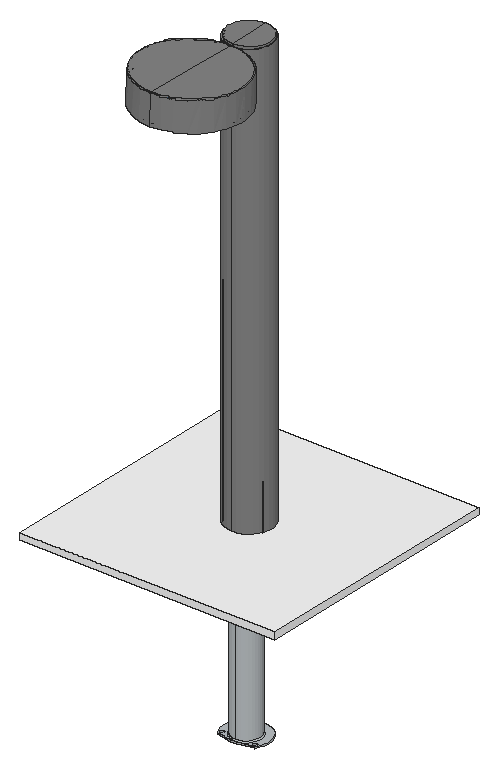
Revit family "BE_77218_de_DE", category Leuchten, Revit 2015
Parameters (values of type "BEGA_77218_Grafit_K3")
  built-in parameter 1150104 = 10.452 (stored number, unit not read)
  Wattage = 6.4 W
  Default Elevation = 0 mm
  built-in parameter 1150113 = 1 (stored number, unit not read)
  built-in parameter 1114218 = 1 (stored number, unit not read)
  Umgebungstemperatur = "25 °C"
  URL = "http://www.bega.de/produkt/77218"
  Typenkommentare = "© 2016 BEGA. Wir behalten uns das Recht vor, technische Änderungen ohne vorherige Ankündigung vorzunehmen."  # constant formula
  Type Image = 77218.png
  built-in parameter 1150134 = (empty or 0)
  built-in parameter 1150109 = 1 (stored number, unit not read)
  Strom = ""
  built-in parameter 1150110 = 1 (stored number, unit not read)
  Spannung = 239.996 V
  Sonderanfertigung = no
  Seriennummer [instance] = "Hier können Sie die eindeutige Seriennummer für das Facility Management eintragen."
  Schutzklasse = "I"
  Schutzart = "IP 65"
  Scheinlast = 0 VA
  Produktdatenblatt = "http://www.bega.de/download/Xrfa/db/77218.db.de.pdf"
  Oberflächentemperatur = ""
  Neigungswinkel = 0.00°
  Modell = "77218"
  Material_18 = BEGA_Gummi_schwarz
  Material_17 = BEGA_Reflektor
  Material_15 = BEGA_Leuchtmedium_matt
  Material_13 = BEGA_Kunststoff_matt
  Material_11 = BEGA_Glas_opal
  Material_09 = BEGA_Glas_klar
  Material_08 = BEGA_Oberfläche_Stahl_verzinkt
  Material_06 = BEGA_Oberfläche_Edelstahl_gebürstet
  Material_03 = BEGA_Oberfläche_Weiss_matt
  Material_02 = BEGA_Oberfläche_Silber_matt
  Material_01 [instance] = BEGA_Oberfläche_Grafit_matt
  M_G = yes
  M_A = no
  Logo = 0
  built-in parameter 1114217 = 1 (stored number, unit not read)
  built-in parameter 1150139 = (empty or 0)
  built-in parameter 1150105 = 57.296 (stored number, unit not read)
  built-in parameter 1150114 = 1 (stored number, unit not read)
  Lumens = 720 lm
  built-in parameter 1150115 = 1 (stored number, unit not read)
  Leuchtenlichtstrom = "376 lm"
  Leuchtenanzahl = ""
  Lebensdauerkriterien = "L70 = 50.000 h"
  Lastklassifizierung = Beleuchtung
  built-in parameter 1150112 = 1 (stored number, unit not read)
  Lampenlichtstrom = "720 lm"
  Lampe = "LED 6.4 W"
  LED_Modulbezeichnung = "2x LED-0181/830"
  built-in parameter 1150142 = (empty or 0)
  Hersteller = "BEGA"  # constant formula
  Halbstreuwinkel = ""
  Gewicht = "2.95 kg"
  Gebrauchslageneinschränkung [instance] = ""
  Frequenz = "0/50-60 Hz"
  Farbwiedergabeindex = "Ra > 80"
  Farbtemperaturverschiebung bei Dämpfen der Lampe = <Keine Auswahl>
  Farbtemperatur = "3000 K"
  Color Filter = 16777215
  built-in parameter 1150133 = 10 (stored number, unit not read)
  Energieeffizienzklasse = "LED A++ - A"
  built-in parameter 1150137 = (empty or 0)
  built-in parameter 1150132 = (empty or 0)
  ENEC = "ja"
  Dimmbar [instance] = ""
  Datei für fotometrisches Netz = "BE_77218.IES"
  CE_Konformität = "ja"
  Bestellnummer = "77218"
  Beschreibung_Sonderanfertigung = "Hier können Sie Informationen zur Sonderanfertigung eintragen."
  Beschreibung = "Garten- und Wegeleuchte"
  built-in parameter 1150106 = 0.57296 (stored number, unit not read)
  Befestigungsbohrung = ""
  Befestigungsabstand = ""
  Ballwurfsicher = ""
  BEGA_Intern_aus = yes
  BEGA_Intern_an = yes
  BEGA_Intern_Konstruktion = yes
  BEGA_Intern = yes
  BEGA_IES = yes
  BEGA_Dummy = no
  Anschlussleitung = ""
  Anschlussleistung [instance] = "8.5 W"
  built-in parameter 1150107 = 3000 (stored number, unit not read)
  built-in parameter 1150102 = (empty or 0)
  built-in parameter 1150138 = (empty or 0)
  Aktualisierung = "2016-11-25T04:14:57"
  Abstand_zur_angestrahlten_Fläche [instance] = ""
  AC/DC = "AC/DC"
Types (2, lengths in mm): name | Modell | M_G | M_A | Bestellnummer
  BEGA_77218_Silber_K3 | "77218A" | no | yes | "77218A"
  BEGA_77218_Grafit_K3 | "77218" | yes | no | "77218"
Reference planes
  plane 1 "Mitte (Vorne/Hinten)": y = 0
  plane 2: z = 0
  plane 3 "Mitte (Links/Rechts)": x = 0
  plane 4 "Links": x = -80.009
  plane 5 "Rechts": x = 80.009
  plane 6 "Unten": y = -195.121
  plane 7 "Oben": y = 35.008
  plane 8 "Vorne": z = 686.75
  plane 9 "Hinten": z = 0
Forms (mm)
  Extrusion 1, solid, material "BEGA_Platte_Weiss"
    sketch origin (0, -1119.2, 0) x (1, 0, 0) y (0, 1, 0)
      loop
        line (-200, 1319.2) -> (-200, 919.2) -> (200, 919.2) -> (200, 1319.2) -> (-200, 1319.2)
    from 0 to -10
  Extrusion 2, solid, material "BEGA_Dummy_matt", visible <- "BEGA_Dummy"
    sketch origin (80.095, -76.023, 0) x (1, 0, 0) y (0, 1, 0)
      loop
        line (-160.105, 111.031) -> (-160.105, -119.098) -> (-0.086, -119.098) -> (-0.086, 111.031) -> (-160.105, 111.031)
    from 0 to 686.75
Dimensions and locks
  plane 1 "Mitte (Vorne/Hinten)" to Extrusion 1 = 200 mm
  aligned and locked: plane 2 to Extrusion 1
  aligned and locked: level to Extrusion 1
Nested families
  nested 1: "BE_77218" at (0, 0, 0) x (0, -1, 0) z (0, 0, 1), type "BE_77218"
Connectors
  electrical at (0, 0, 0), driven by "Lastklassifizierung", driven by "Spannung", driven by "Scheinlast"
    settings: index 1, voltage 239.996 V, apparent load 0 VA, apparent load phase1 0 VA, apparent load phase2 0 VA, apparent load phase3 0 VA, power factor 1, load classification "Beleuchtung", number of poles 1, system type 31, power factor state 1, is connector primary yes, connector utility no, sub classification motor no, connector description ""
Definition of nested family "BE_77218"
  Parameters (values of type "BE_77218")
    Default Elevation = 1 mm
    URL = "http://www.bega.de/de/produkt"
    Type Comments = "© 2015 BEGA. Wir behalten uns das Recht vor, technische Änderungen ohne vorherige Ankündigung vorzunehmen. "  # constant formula
    Type Image = (empty or 0)
    Material_18 = none
    Material_17 = none
    Material_15 = none
    Material_13 = none
    Material_11 = none
    Material_09 = none
    Material_08 = none
    Material_06 = none
    Material_03 = none
    Material_02 = none
    Material_01 = none
    M_W = yes
    M_G = yes
    M_A = yes
    Länge_Platte = 200 mm  # constant formula
    Höhe_Platte = -10 mm  # constant formula
    Manufacturer = "BEGA"  # constant formula
    Breite_Platte = 200 mm  # constant formula
  Reference planes
    plane 1 "Mitte (Oben/Unten)": y = 0
    plane 2: z = 0
    plane 3 "Mitte (Links/Rechts)": x = 0
    plane 4: x = -35.008
    plane 5: z = -300
    plane 6: z = 686.75
    plane 7: x = 195.121
    plane 8: y = -80.009
    plane 9: y = 80.009
  Forms (mm)
    Extrusion 1, solid, detail levels medium
      sketch origin (0, 0, 0) x (1, 0, 0) y (0, 1, 0)
        loop
          line (-100, 100) -> (-100, -100) -> (100, -100) -> (100, 100) -> (-100, 100)
      from 0 to -10 <- "Höhe_Platte"
    Revolve 2, solid, material <- "Material_08", detail levels medium+fine
      sketch origin (0, 0, 0) x (1, 0, 0) y (0, 0, 1)
        loop
          line (-13.1, -298.5) -> (-13.1, 113.5) -> (-15.1, 113.5) -> (-15.1, -298.5) -> (-13.1, -298.5)
        axis (6, -298.5) -> (6, 113.5)
      angle from 0 to 360
    Revolve 3, solid, material <- "Material_08", detail levels medium+fine
      sketch origin (0, 0, 0) x (1, 0, 0) y (0, 0, 1)
        loop
          line (-16.928, -298) -> (-29, -298) -> (-29, -300) -> (-17.127, -300)
          arc (-17.127, -300) -> (-15.987, -299.72) -> (-15.1, -298.951) r 2.5
          line (-15.1, -298.951) -> (-15.1, -296.172) -> (-16.928, -298)
        axis (6, -296.172) -> (6, -300)
      angle from 0 to 360
    Extrusion 4, void
      sketch origin (0, 0, 0) x (1, 0, 0) y (0, 1, 0)
        loop
          line (25.787, 28.87) -> (30.128, 4.254)
          arc (30.128, 4.254) -> (30.5, 0) -> (30.128, -4.254) r 24.5
          line (30.128, -4.254) -> (25.787, -28.87)
          arc (25.787, -28.87) -> (36.964, -16.316) -> (41, 0) r 35
          arc (41, 0) -> (36.964, 16.316) -> (25.787, 28.87) r 35
      from -294.099 to -302
    Extrusion 5, void
      sketch origin (0, 0, 0) x (1, 0, 0) y (0, 1, 0)
        loop
          circle (21, 25.981) r 2.75
        loop
          circle (-24, 0) r 2.75
        loop
          circle (21, -25.981) r 2.75
      from -296.942 to -301.06
    Revolve 6, solid, material <- "Material_01", visible <- "M_G", detail levels medium+fine
      sketch origin (0, 0, 0) x (1, 0, 0) y (0, 0, 1)
        loop
          line (-35.013, 682) -> (-35, 0) -> (-32, 0) -> (-31.73, 682) -> (-35.013, 682)
        axis (0, 0) -> (0, 682)
      angle from 0 to 360
    Revolve 7, solid, material <- "Material_01", visible <- "M_G", detail levels medium+fine
      sketch origin (0, 0, 0) x (1, 0, 0) y (0, 0, 1)
        loop
          line (-33.09, 685) -> (-33.09, 682) -> (0, 682) -> (0, 685) -> (-33.09, 685)
        axis (0, 685) -> (0, 682)
      angle from 0 to 360
    Revolve 8, solid, material <- "Material_01", visible <- "M_G", detail levels medium+fine
      sketch origin (0, 0, 0) x (1, 0, 0) y (0, 0, 1)
        loop
          line (114.313, 685.386) -> (114.971, 647.691) -> (119.47, 647.77) -> (119.986, 677.353)
          arc (119.986, 677.353) -> (120.567, 678.727) -> (121.936, 679.318) r 2
          line (121.936, 679.318) -> (186.664, 680.448) -> (188.074, 648.167) -> (192.225, 648.24) -> (192.521, 639.744) -> (195.121, 639.789) -> (193.515, 685.785)
          arc (193.515, 685.785) -> (193.204, 686.476) -> (192.498, 686.75) r 1
          line (192.498, 686.75) -> (114.313, 685.386)
        axis (114.313, 685.386) -> (115.133, 638.393)
      angle from 0 to 360
    Extrusion 9, solid, material <- "Material_01", visible <- "M_G", detail levels medium+fine
      sketch origin (0, 0, 0) x (1, 0, 0) y (0, 1, 0)
        loop
          line (37.664, 12.5) -> (31.41, 12.5)
          arc (31.41, 12.5) -> (33.806, 0) -> (31.41, -12.5) r 33.806
          line (31.41, -12.5) -> (37.664, -12.5)
          arc (37.664, -12.5) -> (36.662, 0) -> (37.664, 12.5) r 78.456
      from 637.255 to 677.5
    Revolve 10, solid, material <- "Material_13", detail levels medium+fine
      sketch origin (0, 0, 0) x (1, 0, 0) y (0, 0, 1)
        loop
          line (39.189, 638.738) -> (110.47, 638.116) -> (110.553, 642.914) -> (112.369, 642.945) -> (112.176, 646.643) -> (105.758, 646.531) -> (105.22, 643.137) -> (43.129, 643.703) -> (38.162, 641.797) -> (38.198, 639.734)
          arc (38.198, 639.734) -> (38.489, 639.033) -> (39.189, 638.738) r 1
        axis (114.988, 646.692) -> (115.137, 638.197)
      angle from 0 to 360
    Revolve 11, solid, material <- "Material_06", detail levels fine
      sketch origin (0, 0, 0) x (1, 0, 0) y (0, 0, 1)
        loop
          arc (110.882, 638.419) -> (111.035, 638.068) -> (111.391, 637.928) r 0.5
          line (111.391, 637.928) -> (115.14, 637.993) -> (114.722, 661.917)
          arc (114.722, 661.917) -> (114.106, 661.762) -> (113.621, 661.35) r 1.4
          line (113.621, 661.35) -> (112.264, 659.516) -> (112.553, 642.949) -> (110.803, 642.918) -> (110.882, 638.419)
        axis (114.722, 661.917) -> (115.14, 637.993)
      angle from 0 to 360
    Revolve 12, void
      sketch origin (0, 0, 0) x (1, 0, 0) y (0, 0, 1)
        loop
          line (-32.182, 89) -> (-36.21, 89) -> (-36.21, 85) -> (-32.182, 85) -> (-32.182, 89)
        axis (-36.21, 85) -> (-32.182, 85)
      angle from 0 to 360
    Revolve 13, void
      sketch origin (0, 0, -50) x (1, 0, 0) y (0, 0, 1)
        loop
          line (-32.182, 89) -> (-36.21, 89) -> (-36.21, 85) -> (-32.182, 85) -> (-32.182, 89)
        axis (-36.21, 85) -> (-32.182, 85)
      angle from 0 to 360
    Revolve 14, solid, material <- "Material_06", detail levels fine
      sketch origin (0, 0, 0) x (1, 0, 0) y (0, 0, 1)
        loop
          line (-32.182, 89) -> (-34.8, 89) -> (-34.8, 85) -> (-15.1, 85) -> (-15.1, 88) -> (-32.182, 88) -> (-32.182, 89)
        axis (-34.8, 85) -> (-15.1, 85)
      angle from 0 to 360
    Revolve 15, solid, material <- "Material_02", visible <- "M_A", detail levels medium+fine
      sketch origin (0, 0, 0) x (1, 0, 0) y (0, 0, 1)
        loop
          line (-35.013, 682) -> (-35, 0) -> (-32, 0) -> (-31.73, 682) -> (-35.013, 682)
        axis (0, 0) -> (0, 682)
      angle from 0 to 360
    Revolve 16, solid, material <- "Material_02", visible <- "M_A", detail levels medium+fine
      sketch origin (0, 0, 0) x (1, 0, 0) y (0, 0, 1)
        loop
          line (-33.09, 685) -> (-33.09, 682) -> (0, 682) -> (0, 685) -> (-33.09, 685)
        axis (0, 685) -> (0, 682)
      angle from 0 to 360
    Revolve 17, solid, material <- "Material_02", visible <- "M_A", detail levels medium+fine
      sketch origin (0, 0, 0) x (1, 0, 0) y (0, 0, 1)
        loop
          line (114.313, 685.386) -> (114.971, 647.691) -> (119.47, 647.77) -> (119.986, 677.353)
          arc (119.986, 677.353) -> (120.567, 678.727) -> (121.936, 679.318) r 2
          line (121.936, 679.318) -> (186.664, 680.448) -> (188.074, 648.167) -> (192.225, 648.24) -> (192.521, 639.744) -> (195.121, 639.789) -> (193.515, 685.785)
          arc (193.515, 685.785) -> (193.204, 686.476) -> (192.498, 686.75) r 1
          line (192.498, 686.75) -> (114.313, 685.386)
        axis (114.313, 685.386) -> (115.133, 638.393)
      angle from 0 to 360
    Extrusion 18, solid, material <- "Material_02", visible <- "M_A", detail levels medium+fine
      sketch origin (0, 0, 0) x (1, 0, 0) y (0, 1, 0)
        loop
          line (37.664, 12.5) -> (31.41, 12.5)
          arc (31.41, 12.5) -> (33.806, 0) -> (31.41, -12.5) r 33.806
          line (31.41, -12.5) -> (37.664, -12.5)
          arc (37.664, -12.5) -> (36.662, 0) -> (37.664, 12.5) r 78.456
      from 637.255 to 677.5
    Revolve 19, solid, material <- "Material_06", detail levels fine
      sketch origin (0, 0, -50) x (1, 0, 0) y (0, 0, 1)
        loop
          line (-32.182, 89) -> (-34.8, 89) -> (-34.8, 85) -> (-15.1, 85) -> (-15.1, 88) -> (-32.182, 88) -> (-32.182, 89)
        axis (-34.8, 85) -> (-15.1, 85)
      angle from 0 to 360
  Cuts and joins
    Extrusion 4, Extrusion 5 cuts Revolve 3
    joined: Revolve 2, Revolve 3
    Revolve 12, Revolve 13 cuts Revolve 6
    Revolve 12, Revolve 13 cuts Revolve 7
    joined: Revolve 6, Revolve 7
    joined: Revolve 8, Extrusion 9
    Revolve 12, Revolve 13 cuts Revolve 15
    joined: Revolve 15, Revolve 16
    joined: Revolve 17, Extrusion 18
  Dimensions and locks
    equal spacing: Extrusion 1 sketch curve, plane 3 "Mitte (Links/Rechts)", Extrusion 1 sketch curve
    equal spacing: Extrusion 1 sketch curve, plane 1 "Mitte (Oben/Unten)", Extrusion 1 sketch curve
    "Länge_Platte": Extrusion 1 sketch curve to Extrusion 1 sketch curve
    "Breite_Platte": Extrusion 1 sketch curve to Extrusion 1 sketch curve
    plane 5 to cut or joined group of Revolve 2, Revolve 3, Extrusion 4, Extrusion 5 = 1.5 mm
    aligned and locked: Extrusion 1 to plane 2
    aligned and locked: level to Extrusion 1
  Automatic sketch dimensions
    Revolve 2 sketch curve to plane 5 = 1.5 mm
    Revolve 2 sketch curve to plane 3 "Mitte (Links/Rechts)" = 15.1 mm
    Revolve 2 sketch curve to Revolve 2 sketch curve = 2 mm
    level to Revolve 2 sketch curve = 113.5 mm
    plane 3 "Mitte (Links/Rechts)" to Revolve 2 sketch curve = 6 mm
    Revolve 2 sketch curve to plane 5 = 51.5 mm
    Revolve 2 sketch curve to Revolve 2 sketch curve = 55 mm
    Revolve 3 sketch curve to plane 5 = 0 mm
    Revolve 3 sketch curve to plane 5 = 2 mm
    plane 4 to Revolve 3 sketch curve = 6.008 mm
    Revolve 3 sketch curve to plane 5 = 2.5 mm
    Revolve 3 sketch curve to Revolve 3 sketch curve = 11.865 mm
    Revolve 3 sketch curve to Revolve 3 sketch curve = 0.009 mm
    Revolve 3 sketch curve to Revolve 3 sketch curve = 0.207 mm
    Revolve 3 sketch curve to Revolve 3 sketch curve = 2.036 mm
    Revolve 3 sketch curve to Revolve 3 sketch curve = 1.328 mm
    plane 3 "Mitte (Links/Rechts)" to Revolve 3 sketch curve = 6 mm
    plane 5 to Revolve 3 sketch curve = 6.061 mm
    Revolve 3 sketch curve to plane 5 = 8.939 mm
    Extrusion 4 sketch curve to Extrusion 4 sketch curve = 0 mm  (x8)
    plane 1 "Mitte (Oben/Unten)" to Extrusion 4 sketch curve = 0 mm
    plane 3 "Mitte (Links/Rechts)" to Extrusion 4 sketch curve = 6 mm
    plane 3 "Mitte (Links/Rechts)" to Extrusion 4 sketch curve = 25.787 mm  (x2)
    plane 1 "Mitte (Oben/Unten)" to Extrusion 4 sketch curve = 28.87 mm
    plane 1 "Mitte (Oben/Unten)" to Extrusion 4 sketch curve = 4.254 mm  (x2)
    Extrusion 4 sketch curve to Extrusion 4 sketch curve = 10.872 mm
    Extrusion 4 sketch curve to plane 1 "Mitte (Oben/Unten)" = 4.254 mm  (x2)
    Revolve 6 sketch curve to level = 0 mm
    Revolve 6 sketch curve to plane 3 "Mitte (Links/Rechts)" = 0 mm
    plane 4 to Revolve 6 sketch curve = 3.278 mm
    plane 4 to Revolve 6 sketch curve = 3.008 mm
    plane 4 to Revolve 6 sketch curve = 0.008 mm
    Revolve 6 sketch curve to plane 4 = 0.006 mm
    plane 6 to Revolve 6 sketch curve = 4.75 mm
    Revolve 6 sketch curve to Revolve 6 sketch curve = 300 mm
    Revolve 6 sketch curve to Revolve 6 sketch curve = 80 mm
    Revolve 7 sketch curve to plane 3 "Mitte (Links/Rechts)" = 0 mm  (x2)
    plane 4 to Revolve 7 sketch curve = 1.917 mm
    plane 6 to Revolve 7 sketch curve = 4.75 mm
    plane 6 to Revolve 7 sketch curve = 1.75 mm
    Revolve 7 sketch curve to Revolve 7 sketch curve = 1.5 mm
    Revolve 7 sketch curve to Revolve 7 sketch curve = 0 mm
    Revolve 8 sketch curve to plane 6 = 0 mm  (x2)
    plane 7 to Revolve 8 sketch curve = 0 mm
    plane 6 to Revolve 8 sketch curve = 0.966 mm
    plane 7 to Revolve 8 sketch curve = 1.606 mm
    plane 7 to Revolve 8 sketch curve = 2.6 mm
    Revolve 8 sketch curve to Revolve 8 sketch curve = 0.999 mm
    plane 7 to Revolve 8 sketch curve = 2.896 mm
    Revolve 8 sketch curve to Revolve 8 sketch curve = 4.151 mm
    Revolve 8 sketch curve to Revolve 8 sketch curve = 5.851 mm
    plane 6 to Revolve 8 sketch curve = 9.432 mm
    Revolve 8 sketch curve to Revolve 8 sketch curve = 64.678 mm
    plane 6 to Revolve 8 sketch curve = 7.433 mm
    Revolve 8 sketch curve to Revolve 8 sketch curve = 0.05 mm
    Revolve 8 sketch curve to Revolve 8 sketch curve = 2.516 mm
    plane 6 to Revolve 8 sketch curve = 39.059 mm  (x2)
    Revolve 8 sketch curve to Revolve 8 sketch curve = 4.499 mm
    plane 6 to Revolve 8 sketch curve = 1.365 mm  (x2)
    Revolve 8 sketch curve to Revolve 8 sketch curve = 7.623 mm
    Revolve 8 sketch curve to Revolve 8 sketch curve = 45.995 mm
    Revolve 8 sketch curve to Revolve 8 sketch curve = 0.045 mm
    Revolve 8 sketch curve to Revolve 8 sketch curve = 0.079 mm
    Revolve 8 sketch curve to Revolve 8 sketch curve = 8.424 mm
    Revolve 8 sketch curve to Revolve 8 sketch curve = 0.073 mm
    plane 6 to Revolve 8 sketch curve = 6.303 mm
    Revolve 8 sketch curve to Revolve 8 sketch curve = 0.034 mm
    Revolve 8 sketch curve to Revolve 8 sketch curve = 0 mm  (x4)
    Revolve 8 sketch curve to Revolve 8 sketch curve = 2 mm
    plane 6 to Revolve 8 sketch curve = 9.397 mm
    plane 1 "Mitte (Oben/Unten)" to Extrusion 9 sketch curve = 0 mm  (x2)
    Extrusion 9 sketch curve to plane 3 "Mitte (Links/Rechts)" = 0 mm
    plane 1 "Mitte (Oben/Unten)" to Extrusion 9 sketch curve = 12.5 mm
    plane 3 "Mitte (Links/Rechts)" to Extrusion 9 sketch curve = 31.41 mm
    Extrusion 9 sketch curve to plane 1 "Mitte (Oben/Unten)" = 12.5 mm
    Extrusion 9 sketch curve to Extrusion 9 sketch curve = 6.254 mm
    Extrusion 9 sketch curve to Extrusion 9 sketch curve = 77.454 mm
    Extrusion 9 sketch curve to Extrusion 9 sketch curve = 0 mm
    plane 3 "Mitte (Links/Rechts)" to Revolve 10 sketch curve = 38.162 mm
    Revolve 10 sketch curve to Revolve 10 sketch curve = 0.036 mm
    Revolve 10 sketch curve to Revolve 10 sketch curve = 1 mm
    Revolve 10 sketch curve to Revolve 10 sketch curve = 4.967 mm
    plane 6 to Revolve 10 sketch curve = 43.613 mm
    Revolve 10 sketch curve to Revolve 10 sketch curve = 62.091 mm
    plane 6 to Revolve 10 sketch curve = 40.22 mm
    Revolve 10 sketch curve to Revolve 10 sketch curve = 0.538 mm
    Revolve 10 sketch curve to Revolve 10 sketch curve = 5.25 mm
    Revolve 10 sketch curve to Revolve 10 sketch curve = 0.084 mm
    plane 6 to Revolve 10 sketch curve = 40.108 mm
    Revolve 10 sketch curve to Revolve 10 sketch curve = 1.622 mm
    Revolve 10 sketch curve to Revolve 10 sketch curve = 1.816 mm
    Revolve 10 sketch curve to Revolve 10 sketch curve = 3.697 mm
    Revolve 10 sketch curve to Revolve 10 sketch curve = 0.032 mm
    plane 6 to Revolve 10 sketch curve = 44.954 mm
    Revolve 10 sketch curve to Revolve 10 sketch curve = 2.059 mm
    Revolve 10 sketch curve to Revolve 10 sketch curve = 0.004 mm
    Revolve 10 sketch curve to Revolve 10 sketch curve = 4.798 mm
    Revolve 10 sketch curve to Revolve 10 sketch curve = 1.907 mm
    Revolve 10 sketch curve to Revolve 10 sketch curve = 0.009 mm
    Revolve 10 sketch curve to Revolve 10 sketch curve = 0 mm  (x2)
    plane 6 to Revolve 10 sketch curve = 3.483 mm
    Revolve 10 sketch curve to Revolve 10 sketch curve = 2.174 mm
    Revolve 10 sketch curve to Revolve 10 sketch curve = 4.718 mm
    Revolve 10 sketch curve to Revolve 10 sketch curve = 2.861 mm
    plane 7 to Revolve 11 sketch curve = 84.317 mm
    Revolve 11 sketch curve to Revolve 11 sketch curve = 0.578 mm
    plane 6 to Revolve 11 sketch curve = 27.235 mm
    Revolve 11 sketch curve to Revolve 11 sketch curve = 1.46 mm
    Revolve 11 sketch curve to Revolve 11 sketch curve = 1.75 mm
    plane 6 to Revolve 11 sketch curve = 24.833 mm
    Revolve 11 sketch curve to Revolve 11 sketch curve = 2.459 mm
    Revolve 11 sketch curve to Revolve 11 sketch curve = 0.024 mm
    Revolve 11 sketch curve to Revolve 11 sketch curve = 3.758 mm
    Revolve 11 sketch curve to Revolve 11 sketch curve = 16.567 mm
    Revolve 11 sketch curve to Revolve 11 sketch curve = 0.031 mm
    Revolve 11 sketch curve to Revolve 11 sketch curve = 4.491 mm
    Revolve 11 sketch curve to Revolve 11 sketch curve = 0.435 mm
    Revolve 11 sketch curve to Revolve 11 sketch curve = 1.4 mm
    Revolve 11 sketch curve to Revolve 11 sketch curve = 0.5 mm
    Revolve 11 sketch curve to Revolve 11 sketch curve = 0 mm  (x7)
    Revolve 11 sketch curve to Revolve 11 sketch curve = 0.009 mm  (x2)
    plane 6 to Revolve 11 sketch curve = 25.4 mm
    Revolve 11 sketch curve to Revolve 11 sketch curve = 1.101 mm
    Revolve 11 sketch curve to Revolve 11 sketch curve = 2.478 mm
    Revolve 11 sketch curve to Revolve 11 sketch curve = 1.27 mm
    Revolve 12 sketch curve to plane 4 = 1.203 mm
    plane 4 to Revolve 12 sketch curve = 2.826 mm
    level to Revolve 12 sketch curve = 85 mm
    Revolve 12 sketch curve to Revolve 12 sketch curve = 4 mm
    Revolve 12 sketch curve to Revolve 12 sketch curve = 0 mm  (x2)
    Revolve 12 sketch curve to Revolve 12 sketch curve = 1.318 mm
    Revolve 13 sketch curve to plane 4 = 1.203 mm
    plane 4 to Revolve 13 sketch curve = 2.826 mm
    level to Revolve 13 sketch curve = 35 mm
    Revolve 13 sketch curve to Revolve 13 sketch curve = 4 mm
    Revolve 13 sketch curve to Revolve 13 sketch curve = 0 mm  (x2)
    Revolve 13 sketch curve to Revolve 13 sketch curve = 1.318 mm
    plane 4 to Revolve 14 sketch curve = 0.207 mm
    Revolve 14 sketch curve to Revolve 14 sketch curve = 2.618 mm  (x2)
    Revolve 14 sketch curve to plane 3 "Mitte (Links/Rechts)" = 15.1 mm
    level to Revolve 14 sketch curve = 85 mm
    Revolve 14 sketch curve to Revolve 14 sketch curve = 3 mm
    Revolve 14 sketch curve to Revolve 14 sketch curve = 1 mm
    Revolve 14 sketch curve to Revolve 14 sketch curve = 0 mm  (x2)
    Revolve 15 sketch curve to level = 0 mm
    Revolve 15 sketch curve to plane 3 "Mitte (Links/Rechts)" = 0 mm
    plane 4 to Revolve 15 sketch curve = 3.278 mm
    plane 4 to Revolve 15 sketch curve = 3.008 mm
    plane 4 to Revolve 15 sketch curve = 0.008 mm
    Revolve 15 sketch curve to plane 4 = 0.006 mm
    plane 6 to Revolve 15 sketch curve = 4.75 mm
    Revolve 15 sketch curve to Revolve 15 sketch curve = 300 mm
    Revolve 15 sketch curve to Revolve 15 sketch curve = 80 mm
    Revolve 16 sketch curve to plane 3 "Mitte (Links/Rechts)" = 0 mm  (x2)
    plane 4 to Revolve 16 sketch curve = 1.917 mm
    plane 6 to Revolve 16 sketch curve = 4.75 mm
    plane 6 to Revolve 16 sketch curve = 1.75 mm
    Revolve 16 sketch curve to Revolve 16 sketch curve = 1.5 mm
    Revolve 16 sketch curve to Revolve 16 sketch curve = 0 mm
    Revolve 17 sketch curve to plane 6 = 0 mm  (x2)
    plane 7 to Revolve 17 sketch curve = 0 mm
    plane 6 to Revolve 17 sketch curve = 0.966 mm
    plane 7 to Revolve 17 sketch curve = 1.606 mm
    plane 7 to Revolve 17 sketch curve = 2.6 mm
    Revolve 17 sketch curve to Revolve 17 sketch curve = 0.999 mm
    plane 7 to Revolve 17 sketch curve = 2.896 mm
    Revolve 17 sketch curve to Revolve 17 sketch curve = 4.151 mm
    Revolve 17 sketch curve to Revolve 17 sketch curve = 5.851 mm
    plane 6 to Revolve 17 sketch curve = 9.432 mm
    Revolve 17 sketch curve to Revolve 17 sketch curve = 64.678 mm
    plane 6 to Revolve 17 sketch curve = 7.433 mm
    Revolve 17 sketch curve to Revolve 17 sketch curve = 0.05 mm
    Revolve 17 sketch curve to Revolve 17 sketch curve = 2.516 mm
    plane 6 to Revolve 17 sketch curve = 39.059 mm  (x2)
    Revolve 17 sketch curve to Revolve 17 sketch curve = 4.499 mm
    plane 6 to Revolve 17 sketch curve = 1.365 mm  (x2)
    Revolve 17 sketch curve to Revolve 17 sketch curve = 7.623 mm
    Revolve 17 sketch curve to Revolve 17 sketch curve = 45.995 mm
    Revolve 17 sketch curve to Revolve 17 sketch curve = 0.045 mm
    Revolve 17 sketch curve to Revolve 17 sketch curve = 0.079 mm
    Revolve 17 sketch curve to Revolve 17 sketch curve = 8.424 mm
    Revolve 17 sketch curve to Revolve 17 sketch curve = 0.073 mm
    plane 6 to Revolve 17 sketch curve = 6.303 mm
    Revolve 17 sketch curve to Revolve 17 sketch curve = 0.034 mm
    Revolve 17 sketch curve to Revolve 17 sketch curve = 0 mm  (x4)
    Revolve 17 sketch curve to Revolve 17 sketch curve = 2 mm
    plane 6 to Revolve 17 sketch curve = 9.397 mm
    plane 1 "Mitte (Oben/Unten)" to Extrusion 18 sketch curve = 0 mm  (x2)
    Extrusion 18 sketch curve to plane 3 "Mitte (Links/Rechts)" = 0 mm
    plane 1 "Mitte (Oben/Unten)" to Extrusion 18 sketch curve = 12.5 mm
    plane 3 "Mitte (Links/Rechts)" to Extrusion 18 sketch curve = 31.41 mm
    Extrusion 18 sketch curve to plane 1 "Mitte (Oben/Unten)" = 12.5 mm
    Extrusion 18 sketch curve to Extrusion 18 sketch curve = 6.254 mm
    Extrusion 18 sketch curve to Extrusion 18 sketch curve = 77.454 mm
    Extrusion 18 sketch curve to Extrusion 18 sketch curve = 0 mm
    plane 4 to Revolve 19 sketch curve = 0.207 mm
    Revolve 19 sketch curve to Revolve 19 sketch curve = 2.618 mm  (x2)
    Revolve 19 sketch curve to plane 3 "Mitte (Links/Rechts)" = 15.1 mm
    level to Revolve 19 sketch curve = 35 mm
    Revolve 19 sketch curve to Revolve 19 sketch curve = 3 mm
    Revolve 19 sketch curve to Revolve 19 sketch curve = 1 mm
    Revolve 19 sketch curve to Revolve 19 sketch curve = 0 mm  (x2)
